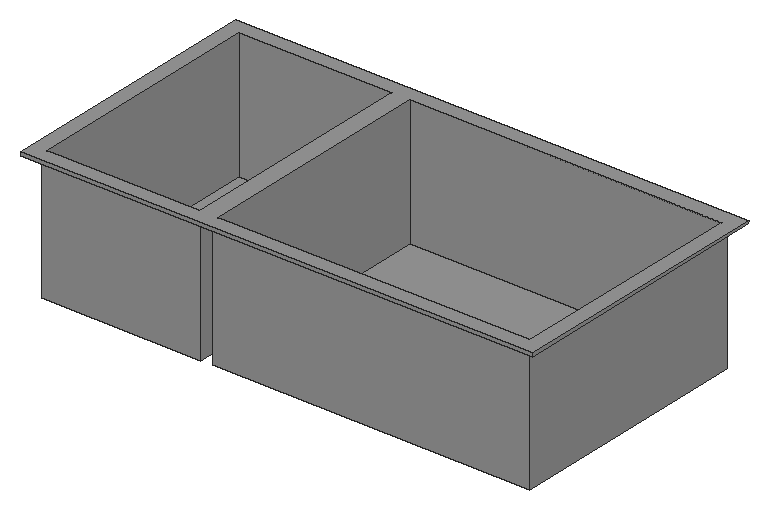
Revit family "CUBES Fregadero 85x45cm OT2011008", category Generic Models, host Face, Revit 2014
Parameters
  MODELO = "CUBES"
  MARCA = "WASSER"
  EMPRESA = "CHC COMERCIAL HISPANO CHILENA"
  Default Elevation = 1219.2 mm
  DIMENSIONES = "85X45CM"
  CÓDIGO = "OT2011008"
  ACCESORIO = "FREGADERO"
Reference planes
  plane 1 "Center (Front/Back)": y = 0
  plane 2: z = 0
  plane 3 "Center (Left/Right)": x = 0
  plane 4: x = -85
  plane 5: y = 220
  plane 6: y = -220
  plane 7: y = 215
  plane 8: y = -215
  plane 9: x = -230
  plane 10: z = 220
  plane 11: through (42.455, 0, 1219.2) normal (-0.7071, 0.7071, 0)
  plane 12: through (0.029, 42.426, 1219.2) normal (0.7071, 0.7071, 0)
  plane 13: through (0.029, -42.426, 1219.2) normal (-0.7071, 0.7071, 0)
  plane 14: through (84.882, -42.426, 1219.2) normal (-0.7071, -0.7071, 0)
  plane 15: y = 200
  plane 16: y = -200
  plane 17: x = -110
  plane 18: x = 170
  plane 19: x = 195
  plane 20: x = 175
  plane 21: x = 720
  plane 22: x = 42.5
  plane 23: y = 45
  plane 24: y = 25
  plane 25: x = 460
  plane 26: through (459.955, 0, 1219.2) normal (-0.7071, 0.7071, 0)
  plane 27: through (417.529, 42.426, 1219.2) normal (0.7071, 0.7071, 0)
  plane 28: through (417.529, -42.426, 1219.2) normal (-0.7071, 0.7071, 0)
  plane 29: through (502.382, -42.426, 1219.2) normal (-0.7071, -0.7071, 0)
  plane 30: y = 45
  plane 31: y = 25
Forms (mm)
  Sweep 1, solid, material "Stainless Steel AISI 304"
    path origin (0, 0, 0) x (1, 0, 0) y (0, 1, 0)
      loop
        line (-85, 200) -> (-85, -200) -> (170, -200) -> (170, 200) -> (-85, 200)
    profile origin (42.5, 200, 0) x (0, 1, 0) y (0, 0, 1)
      loop
        line (0, 220) -> (0, 5) -> (-117.695, 5) -> (-117.695, 0) -> (5, 0) -> (5, 215) -> (25, 215) -> (25, 220) -> (0, 220)
  Extrusion 2, void
    sketch origin (42.455, 0, 0) x (1, 0, 0) y (0, 1, 0)
      loop
        circle (0, 0) r 60
    from 0 to 250
  Extrusion 3, void
    sketch origin (42.455, 0, 0) x (1, 0, 0) y (0, 1, 0)
      loop
        spline (0, 27.545) -> (0.584, 27.799) -> (1.128, 28.543) -> (1.595, 29.728) -> (1.954, 31.272) -> (2.179, 33.07) -> (2.256, 35) -> (2.179, 36.93) -> (1.954, 38.728) -> (1.595, 40.272) -> (1.128, 41.457) -> (0.584, 42.201) -> (0, 42.455)
        spline (0, 42.455) -> (-0.584, 42.201) -> (-1.128, 41.457) -> (-1.595, 40.272) -> (-1.954, 38.728) -> (-2.179, 36.93) -> (-2.256, 35) -> (-2.179, 33.07) -> (-1.954, 31.272) -> (-1.595, 29.728) -> (-1.128, 28.543) -> (-0.584, 27.799) -> (0, 27.545)
      loop
        spline (0, -27.545) -> (-0.584, -27.799) -> (-1.128, -28.543) -> (-1.595, -29.728) -> (-1.954, -31.272) -> (-2.179, -33.07) -> (-2.256, -35) -> (-2.179, -36.93) -> (-1.954, -38.728) -> (-1.595, -40.272) -> (-1.128, -41.457) -> (-0.584, -42.201) -> (0, -42.455)
        spline (0, -42.455) -> (0.584, -42.201) -> (1.128, -41.457) -> (1.595, -40.272) -> (1.954, -38.728) -> (2.179, -36.93) -> (2.256, -35) -> (2.179, -33.07) -> (1.954, -31.272) -> (1.595, -29.728) -> (1.128, -28.543) -> (0.584, -27.799) -> (0, -27.545)
      loop
        spline (-27.545, 0) -> (-27.799, 0.584) -> (-28.543, 1.128) -> (-29.728, 1.595) -> (-31.272, 1.954) -> (-33.07, 2.179) -> (-35, 2.256) -> (-36.93, 2.179) -> (-38.728, 1.954) -> (-40.272, 1.595) -> (-41.457, 1.128) -> (-42.201, 0.584) -> (-42.455, 0)
        spline (-42.455, 0) -> (-42.201, -0.584) -> (-41.457, -1.128) -> (-40.272, -1.595) -> (-38.728, -1.954) -> (-36.93, -2.179) -> (-35, -2.256) -> (-33.07, -2.179) -> (-31.272, -1.954) -> (-29.728, -1.595) -> (-28.543, -1.128) -> (-27.799, -0.584) -> (-27.545, 0)
      loop
        spline (27.545, 0) -> (27.799, -0.584) -> (28.543, -1.128) -> (29.728, -1.595) -> (31.272, -1.954) -> (33.07, -2.179) -> (35, -2.256) -> (36.93, -2.179) -> (38.728, -1.954) -> (40.272, -1.595) -> (41.457, -1.128) -> (42.201, -0.584) -> (42.455, 0)
        spline (42.455, 0) -> (42.201, 0.584) -> (41.457, 1.128) -> (40.272, 1.595) -> (38.728, 1.954) -> (36.93, 2.179) -> (35, 2.256) -> (33.07, 2.179) -> (31.272, 1.954) -> (29.728, 1.595) -> (28.543, 1.128) -> (27.799, 0.584) -> (27.545, 0)
      loop
        spline (19.477, 19.477) -> (20.069, 19.244) -> (20.981, 19.386) -> (22.149, 19.893) -> (23.494, 20.732) -> (24.925, 21.844) -> (26.344, 23.154) -> (27.654, 24.572) -> (28.766, 26.003) -> (29.604, 27.349) -> (30.112, 28.517) -> (30.254, 29.428) -> (30.02, 30.02)
        spline (30.02, 30.02) -> (29.428, 30.254) -> (28.517, 30.112) -> (27.349, 29.604) -> (26.003, 28.766) -> (24.572, 27.654) -> (23.154, 26.344) -> (21.844, 24.925) -> (20.732, 23.494) -> (19.893, 22.149) -> (19.386, 20.981) -> (19.244, 20.069) -> (19.477, 19.477)
      loop
        spline (-19.477, -19.477) -> (-20.069, -19.244) -> (-20.981, -19.386) -> (-22.149, -19.893) -> (-23.494, -20.732) -> (-24.925, -21.844) -> (-26.344, -23.154) -> (-27.654, -24.572) -> (-28.766, -26.003) -> (-29.604, -27.349) -> (-30.112, -28.517) -> (-30.254, -29.428) -> (-30.02, -30.02)
        spline (-30.02, -30.02) -> (-29.428, -30.254) -> (-28.517, -30.112) -> (-27.349, -29.604) -> (-26.003, -28.766) -> (-24.572, -27.654) -> (-23.154, -26.344) -> (-21.844, -24.925) -> (-20.732, -23.494) -> (-19.893, -22.149) -> (-19.386, -20.981) -> (-19.244, -20.069) -> (-19.477, -19.477)
      loop
        spline (-19.477, 19.477) -> (-19.244, 20.069) -> (-19.386, 20.981) -> (-19.893, 22.149) -> (-20.732, 23.494) -> (-21.844, 24.925) -> (-23.154, 26.344) -> (-24.572, 27.654) -> (-26.003, 28.766) -> (-27.349, 29.604) -> (-28.517, 30.112) -> (-29.428, 30.254) -> (-30.02, 30.02)
        spline (-30.02, 30.02) -> (-30.254, 29.428) -> (-30.112, 28.517) -> (-29.604, 27.349) -> (-28.766, 26.003) -> (-27.654, 24.572) -> (-26.344, 23.154) -> (-24.925, 21.844) -> (-23.494, 20.732) -> (-22.149, 19.893) -> (-20.981, 19.386) -> (-20.069, 19.244) -> (-19.477, 19.477)
      loop
        spline (19.477, -19.477) -> (19.244, -20.069) -> (19.386, -20.981) -> (19.893, -22.149) -> (20.732, -23.494) -> (21.844, -24.925) -> (23.154, -26.344) -> (24.572, -27.654) -> (26.003, -28.766) -> (27.349, -29.604) -> (28.517, -30.112) -> (29.428, -30.254) -> (30.02, -30.02)
        spline (30.02, -30.02) -> (30.254, -29.428) -> (30.112, -28.517) -> (29.604, -27.349) -> (28.766, -26.003) -> (27.654, -24.572) -> (26.344, -23.154) -> (24.925, -21.844) -> (23.494, -20.732) -> (22.149, -19.893) -> (20.981, -19.386) -> (20.069, -19.244) -> (19.477, -19.477)
    from 0 to 10.276
  Sweep 4, solid, material "Stainless Steel AISI 304"
    path origin (370, 0, 0) x (1, 0, 0) y (0, 1, 0)
      loop
        line (-170, 200) -> (-170, -200) -> (350, -200) -> (350, 200) -> (-170, 200)
    profile origin (460, 200, 0) x (0, 1, 0) y (0, 0, 1)
      loop
        line (0, 220) -> (0, 5) -> (-174.109, 5) -> (-174.109, 0) -> (5, 0) -> (5, 215) -> (25, 215) -> (25, 220) -> (0, 220)
  Revolve 5, solid, material "Stainless Steel AISI 304"
    sketch origin (42.5, 0, 0) x (0, 1, 0) y (0, 0, 1)
      loop
        line (60, 3.026) -> (45, 3.026) -> (45, 1.552) -> (25, 1.552) -> (25, 3.026) -> (0, 3.026) -> (0, 0) -> (60, 0) -> (60, 3.026)
      axis (0, 3.026) -> (0, 0)
    angle from 0 to 360
  Extrusion 6, void
    sketch origin (459.955, 0, 0) x (1, 0, 0) y (0, 1, 0)
      loop
        circle (0, 0) r 60
    from 0 to 250
  Extrusion 7, void
    sketch origin (459.955, 0, 0) x (1, 0, 0) y (0, 1, 0)
      loop
        spline (0, 27.545) -> (0.584, 27.799) -> (1.128, 28.543) -> (1.595, 29.728) -> (1.954, 31.272) -> (2.179, 33.07) -> (2.256, 35) -> (2.179, 36.93) -> (1.954, 38.728) -> (1.595, 40.272) -> (1.128, 41.457) -> (0.584, 42.201) -> (0, 42.455)
        spline (0, 42.455) -> (-0.584, 42.201) -> (-1.128, 41.457) -> (-1.595, 40.272) -> (-1.954, 38.728) -> (-2.179, 36.93) -> (-2.256, 35) -> (-2.179, 33.07) -> (-1.954, 31.272) -> (-1.595, 29.728) -> (-1.128, 28.543) -> (-0.584, 27.799) -> (0, 27.545)
      loop
        spline (0, -27.545) -> (-0.584, -27.799) -> (-1.128, -28.543) -> (-1.595, -29.728) -> (-1.954, -31.272) -> (-2.179, -33.07) -> (-2.256, -35) -> (-2.179, -36.93) -> (-1.954, -38.728) -> (-1.595, -40.272) -> (-1.128, -41.457) -> (-0.584, -42.201) -> (0, -42.455)
        spline (0, -42.455) -> (0.584, -42.201) -> (1.128, -41.457) -> (1.595, -40.272) -> (1.954, -38.728) -> (2.179, -36.93) -> (2.256, -35) -> (2.179, -33.07) -> (1.954, -31.272) -> (1.595, -29.728) -> (1.128, -28.543) -> (0.584, -27.799) -> (0, -27.545)
      loop
        spline (-27.545, 0) -> (-27.799, 0.584) -> (-28.543, 1.128) -> (-29.728, 1.595) -> (-31.272, 1.954) -> (-33.07, 2.179) -> (-35, 2.256) -> (-36.93, 2.179) -> (-38.728, 1.954) -> (-40.272, 1.595) -> (-41.457, 1.128) -> (-42.201, 0.584) -> (-42.455, 0)
        spline (-42.455, 0) -> (-42.201, -0.584) -> (-41.457, -1.128) -> (-40.272, -1.595) -> (-38.728, -1.954) -> (-36.93, -2.179) -> (-35, -2.256) -> (-33.07, -2.179) -> (-31.272, -1.954) -> (-29.728, -1.595) -> (-28.543, -1.128) -> (-27.799, -0.584) -> (-27.545, 0)
      loop
        spline (27.545, 0) -> (27.799, -0.584) -> (28.543, -1.128) -> (29.728, -1.595) -> (31.272, -1.954) -> (33.07, -2.179) -> (35, -2.256) -> (36.93, -2.179) -> (38.728, -1.954) -> (40.272, -1.595) -> (41.457, -1.128) -> (42.201, -0.584) -> (42.455, 0)
        spline (42.455, 0) -> (42.201, 0.584) -> (41.457, 1.128) -> (40.272, 1.595) -> (38.728, 1.954) -> (36.93, 2.179) -> (35, 2.256) -> (33.07, 2.179) -> (31.272, 1.954) -> (29.728, 1.595) -> (28.543, 1.128) -> (27.799, 0.584) -> (27.545, 0)
      loop
        spline (19.477, 19.477) -> (20.069, 19.244) -> (20.981, 19.386) -> (22.149, 19.893) -> (23.494, 20.732) -> (24.925, 21.844) -> (26.344, 23.154) -> (27.654, 24.572) -> (28.766, 26.003) -> (29.604, 27.349) -> (30.112, 28.517) -> (30.254, 29.428) -> (30.02, 30.02)
        spline (30.02, 30.02) -> (29.428, 30.254) -> (28.517, 30.112) -> (27.349, 29.604) -> (26.003, 28.766) -> (24.572, 27.654) -> (23.154, 26.344) -> (21.844, 24.925) -> (20.732, 23.494) -> (19.893, 22.149) -> (19.386, 20.981) -> (19.244, 20.069) -> (19.477, 19.477)
      loop
        spline (-19.477, -19.477) -> (-20.069, -19.244) -> (-20.981, -19.386) -> (-22.149, -19.893) -> (-23.494, -20.732) -> (-24.925, -21.844) -> (-26.344, -23.154) -> (-27.654, -24.572) -> (-28.766, -26.003) -> (-29.604, -27.349) -> (-30.112, -28.517) -> (-30.254, -29.428) -> (-30.02, -30.02)
        spline (-30.02, -30.02) -> (-29.428, -30.254) -> (-28.517, -30.112) -> (-27.349, -29.604) -> (-26.003, -28.766) -> (-24.572, -27.654) -> (-23.154, -26.344) -> (-21.844, -24.925) -> (-20.732, -23.494) -> (-19.893, -22.149) -> (-19.386, -20.981) -> (-19.244, -20.069) -> (-19.477, -19.477)
      loop
        spline (-19.477, 19.477) -> (-19.244, 20.069) -> (-19.386, 20.981) -> (-19.893, 22.149) -> (-20.732, 23.494) -> (-21.844, 24.925) -> (-23.154, 26.344) -> (-24.572, 27.654) -> (-26.003, 28.766) -> (-27.349, 29.604) -> (-28.517, 30.112) -> (-29.428, 30.254) -> (-30.02, 30.02)
        spline (-30.02, 30.02) -> (-30.254, 29.428) -> (-30.112, 28.517) -> (-29.604, 27.349) -> (-28.766, 26.003) -> (-27.654, 24.572) -> (-26.344, 23.154) -> (-24.925, 21.844) -> (-23.494, 20.732) -> (-22.149, 19.893) -> (-20.981, 19.386) -> (-20.069, 19.244) -> (-19.477, 19.477)
      loop
        spline (19.477, -19.477) -> (19.244, -20.069) -> (19.386, -20.981) -> (19.893, -22.149) -> (20.732, -23.494) -> (21.844, -24.925) -> (23.154, -26.344) -> (24.572, -27.654) -> (26.003, -28.766) -> (27.349, -29.604) -> (28.517, -30.112) -> (29.428, -30.254) -> (30.02, -30.02)
        spline (30.02, -30.02) -> (30.254, -29.428) -> (30.112, -28.517) -> (29.604, -27.349) -> (28.766, -26.003) -> (27.654, -24.572) -> (26.344, -23.154) -> (24.925, -21.844) -> (23.494, -20.732) -> (22.149, -19.893) -> (20.981, -19.386) -> (20.069, -19.244) -> (19.477, -19.477)
    from 0 to 10.276
  Revolve 8, solid, material "Stainless Steel AISI 304"
    sketch origin (460, 0, 0) x (0, 1, 0) y (0, 0, 1)
      loop
        line (60, 3.026) -> (45, 3.026) -> (45, 1.552) -> (25, 1.552) -> (25, 3.026) -> (0, 3.026) -> (0, 0) -> (60, 0) -> (60, 3.026)
      axis (0, 3.026) -> (0, 0)
    angle from 0 to 360
  Extrusion 9, solid
    sketch origin (0, 0, 0) x (1, 0, 0) y (0, 1, 0)
      loop
        arc (32.736, 59.208) -> (42.476, 60) -> (52.216, 59.201) r 59.999
        line (52.216, 59.201) -> (52.216, 82.347) -> (32.736, 82.347) -> (32.736, 59.208)
      loop
        arc (52.305, -59.201) -> (42.5, -60) -> (32.695, -59.201) r 60.547
        line (32.695, -59.201) -> (32.695, -82.305) -> (52.305, -82.305) -> (52.305, -59.201)
    from 0 to 5
  Extrusion 10, solid, material "Stainless Steel AISI 304"
    sketch origin (0, 0, 0) x (1, 0, 0) y (0, 1, 0)
      loop
        line (-85, 200) -> (-85, -200) -> (170, -200) -> (170, 200) -> (-85, 200)
    from 3.993 to 5.827
  Extrusion 11, solid, material "Stainless Steel AISI 304"
    sketch origin (0, 0, 0) x (1, 0, 0) y (0, 1, 0)
      loop
        line (200, 200) -> (200, -200) -> (720, -200) -> (720, 200) -> (200, 200)
    from 0 to 5.865
Cuts and joins
  Extrusion 2, Extrusion 6 cuts Sweep 1
  Extrusion 6 cuts Sweep 4
  joined: Sweep 1, Sweep 4
  Extrusion 3, Extrusion 7 cuts Revolve 5
  Extrusion 7 cuts Revolve 8
  Extrusion 2 cuts Extrusion 10
  Extrusion 6 cuts Extrusion 11
Dimensions and locks
  aligned and locked: plane 2 to host face
  aligned and locked: level to host face
